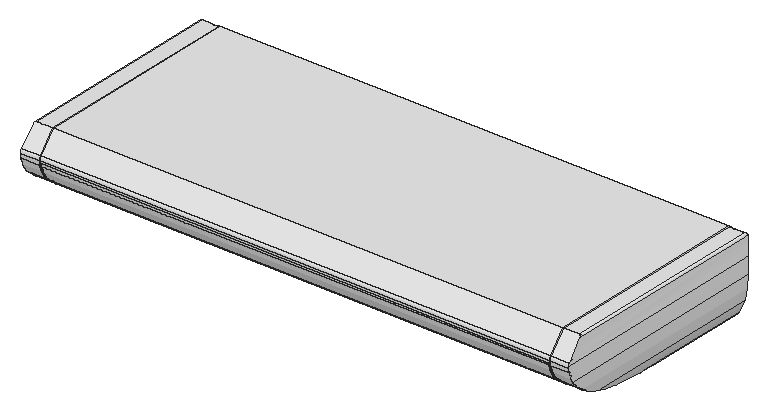
Revit family "EU_SINGLE_IDU_BIG_CEILING_L_Ver.1.1", category Mechanical Equipment, Revit 2016
Family settings
  Part Type = Normal
  Round Connector Dimension = Use Diameter
  OmniClass Number = 23.75.00.00
  OmniClass Title = Climate Control (HVAC)
  Work Plane-Based = No
  Always vertical = Yes
  Cut with Voids When Loaded = No
  Shared = No
  Room Calculation Point = No
Parameters (values of type "14.0kW, 220-240V, Big_Ceiling_L, R32, 3Phase ODU")
  Model/Referance Outdoor Unit [instance] = "AC140RXADNG/EU"
  Manufacturer = "SAMSUNG"
  Model = "AC140RNCDKG/EU"
  Voltage [instance] = "220~240 V"
  URL = "www.samsung.com"
  Total Heating Capacity [instance] = 13.2 kW
  Total Cooling Capacity [instance] = 13.4 kW
  System Served = ""
  Supply Air Connection Width [instance] = 0.00 mm
  Supply Air Connection Offset Bottom [instance] = 0.00 mm
  Supply Air Connection Height [instance] = 0.00 mm
  Subscribe for Update Alerts = ""
  Sound Pressure Middle [instance] = "42.00 dB(A)"
  Sound Pressure Low [instance] = "38.00 dB(A)"
  Sound Pressure High [instance] = "46.00 dB(A)"
  Sound Power Cooling [instance] = "64.00 dB(A)"
  Serial Number = ""
  Sensible Cooling Capacity [instance] = 0 kW
  Sales Rep Locator = ""
  Return Air Connection Width [instance] = 0.00 mm
  Return Air Connection Offset Bottom [instance] = 0.00 mm
  Return Air Connection Height [instance] = 0.00 mm
  Refrigerant Suction Gas Connection Radius [instance] = Refrigerant Suction Gas Connection Diameter / 2  # 7.94 mm
  Refrigerant Suction Gas Connection Offset Bottom [instance] = 80.976 mm
  Refrigerant Suction Gas Connection Left [instance] = Refrigerant Liquid Connection Offset Left  # 80.074 mm
  Refrigerant Suction Gas Connection Diameter [instance] = 15.88 mm
  Refrigerant Liquid Connection Radius [instance] = Refrigerant Liquid Connection Diameter / 2  # 4.76 mm
  Refrigerant Liquid Connection Offset Left [instance] = 80.074 mm
  Refrigerant Liquid Connection Offset Bottom [instance] = 40.839 mm
  Refrigerant Liquid Connection Diameter [instance] = 9.52 mm
  Refrigerant Type = "R32"
  Product Page URL = ""
  Product Documentation Link = ""
  Power Supply [instance] = 50 Hz
  Power Input Heating [instance] = 4.54 W
  Power Input Cooling [instance] = 4.5 W
  Power Connection Offset Left [instance] = 0.00 mm
  Power Connection Offset Bottom [instance] = 0.00 mm
  Phase [instance] = 1
  Panel net Dimensions Width [instance] = 0.00 mm
  Panel net Dimensions Height [instance] = 0.00 mm
  Panel net Dimensions Depth [instance] = 0.00 mm
  Panel Model = "-"
  Panel  Net Weight = 0.00 kg
  Number of poles [instance] = ""
  Notes = ""
  Net Dimensions Width [instance] = 1650.00 mm
  Net Dimensions Height [instance] = 675.00 mm
  Net Dimensions Depth [instance] = 235.00 mm
  Net  Weight = 41.50 kg
  Motor Output = 244 W
  Maximum Rated Over Protection Device [instance] = "Fuse"
  Manufacturer Metadata = ""
  Location = ""
  Heating Leaving Dry Bulb Temperature [instance] = 0 °C
  Heating Entering Dry Bulb Temperature [instance] = 7 °C
  Free Content Downloads = ""
  Family Load Status [instance] = "Valid - Type loaded via type catalog"
  External Static Pressure [instance] = "0.00 mmAq"
  Equipment Finish [instance] = Molded case
  Designation = ""
  Design Heating Air Flow Minimum [instance] = "0.00 CMM"
  Design Heating Air Flow Maximum [instance] = "0.00 CMM"
  Design Cooling Air Flow Minimum [instance] = "23.00 CMM"
  Design Cooling Air Flow Maximum [instance] = "34.00 CMM"
  Design Ambient Winter Wet Bulb Temperature [instance] = 6 °C
  Design Ambient Winter Dry Bulb Temperature [instance] = 7 °C
  Design Ambient Summer Dry Bulb Temperature [instance] = 35 °C
  Decoration Panel Finish [instance] = White
  Current Input Heating [instance] = 7 A
  Current Input Cooling [instance] = 70 A
  Cooling Leaving Wet Bulb Temperature [instance] = 0 °C
  Cooling Leaving Dry Bulb Temperature [instance] = 0 °C
  Cooling Entering Wet Bulb Temperature [instance] = 24 °C
  Cooling Entering Dry Bulb Temperature [instance] = 35 °C
  Conduit for power supply & communication wiring [instance] = 0.00 mm
  Condensate Drain Connection Radius [instance] = Condensate Drain Connection Diameter / 2  # 12.50 mm
  Condensate Drain Connection Offset left [instance] = 131.148 mm
  Condensate Drain Connection Offset Bottom [instance] = 39.103 mm
  Condensate Drain Connection Diameter [instance] = 25.00 mm
  Clearance Type [instance] = "Not Include Clearance"
  Clearance Offset Top [instance] = 0.00 mm
  Clearance Offset Right [instance] = 0.00 mm
  Clearance Offset Left [instance] = 0.00 mm
  Clearance Offset Front [instance] = 0.00 mm
  Clearance Offset Bottom [instance] = 0.00 mm
  Clearance Offset Back [instance] = 0.00 mm
  Actual Ventilation Air Flow [instance] = "0.00 CMM"
  Actual Supply Air Flow [instance] = "0.00 CMM"
  Actual Return Air Flow [instance] = "0.00 CMM"
  Actual Air Flow Imbalance [instance] = "0.00 CMM"
Types (11, lengths in mm): name | Model/Referance Outdoor Unit | Model | Total Heating Capacity | Total Cooling Capacity | Sound Pressure Middle | Sound Pressure Low | Sound Pressure High | Sound Power Cooling | Refrigerant Type | Power Input Heating | Power Input Cooling | Net  Weight | Motor Output | Design Cooling Air Flow Minimum | Design Cooling Air Flow Maximum | Decoration Panel Finish | Current Input Heating | Current Input Cooling | Cooling Entering Wet Bulb Temperature | Condensate Drain Connection Radius | Condensate Drain Connection Diameter
  (no name) | "AC140RXADNG/EU" | "AC140RNCDKG/EU" | 13.2 kW | 13.4 kW | "42.00 dB(A)" | "38.00 dB(A)" | "46.00 dB(A)" | "64.00 dB(A)" | "R32" | 4.54 W | 4.5 W | 41.50 kg | 244 W | "23.00 CMM" | "34.00 CMM" | White | 7 A | 70 A | 24 °C | 12.50 | 25.00
  10.00 kW,  220-240V, BIG CEILING | "" | "AC100MNCDKH/EU" | 11.2 kW | 10 kW | "38.00 dB(A)" | "34.00 dB(A)" | "42.00 dB(A)" | "60.00 dB(A)" | "R410A" | 0 W | 0 W | 41.40 kg | 40 W | "19.00 CMM" | "26.00 CMM" | Ivory | 0 A | 0 A | 27 °C | 12.50 | 25.00
  12.00 kW,  220-240V, BIG CEILING | "" | "AC120MNCDKH/EU" | 13 kW | 12 kW | "41.00 dB(A)" | "37.00 dB(A)" | "44.00 dB(A)" | "62.00 dB(A)" | "R410A" | 0 W | 0 W | 41.40 kg | 40 W | "20.00 CMM" | "30.00 CMM" | Ivory | 0 A | 0 A | 27 °C | 12.50 | 25.00
  13.40 kW,  220-240V, BIG CEILING | "" | "AC140MNCDKH/EU" | 15.5 kW | 13.4 kW | "12.00 dB(A)" | "38.00 dB(A)" | "46.00 dB(A)" | "64.00 dB(A)" | "R410A" | 0 W | 0 W | 41.40 kg | 40 W | "23.00 CMM" | "34.00 CMM" | Ivory | 0 A | 0 A | 27 °C | 12.50 | 25.00
  15.00 kW,  220-240V, BIG CEILING | "" | "AC160JNCDEH/EU" | 17.5 kW | 15 kW | "47.00 dB(A)" | "44.00 dB(A)" | "51.00 dB(A)" | "68.00 dB(A)" | "R410A" | 0 W | 0 W | 42.00 kg | 244 W | "26.00 CMM" | "37.00 CMM" | Ivory | 0 A | 0 A | 27 °C | 10.00 | 20.00
  10.0kW, 220-240V, Big_Ceiling_L, R32, 1Phase ODU | "AC100RXADKG/EU" | "AC100RNCDKG/EU" | 11.2 kW | 10 kW | "38.00 dB(A)" | "34.00 dB(A)" | "42.00 dB(A)" | "60.00 dB(A)" | "R32" | 3.25 W | 3.28 W | 41.40 kg | 244 W | "19.00 CMM" | "26.00 CMM" | White | 14.2 A | 14.6 A | 24 °C | 12.50 | 25.00
  10.0kW, 220-240V, Big_Ceiling_L, R32, 3Phase ODU | "AC100RXADNG/EU" | "AC100RNCDKG/EU" | 11.2 kW | 10 kW | "38.00 dB(A)" | "34.00 dB(A)" | "42.00 dB(A)" | "60.00 dB(A)" | "R32" | 3.2 W | 3.15 W | 41.40 kg | 244 W | "19.00 CMM" | "26.00 CMM" | White | 5.1 A | 5 A | 24 °C | 12.50 | 25.00
  12.0kW, 220-240V, Big_Ceiling_L, R32, 1Phase ODU | "AC120RXADKG/EU" | "AC120RNCDKG/EU" | 13.2 kW | 12 kW | "41.00 dB(A)" | "37.00 dB(A)" | "44.00 dB(A)" | "62.00 dB(A)" | "R32" | 3.83 W | 4.35 W | 41.50 kg | 244 W | "20.00 CMM" | "30.00 CMM" | White | 17 A | 19.1 A | 24 °C | 12.50 | 25.00
  12.0kW, 220-240V, Big_Ceiling_L, R32, 3Phase ODU | "AC120RXADNG/EU" | "AC120RNCDKG/EU" | 13.2 kW | 12 kW | "41.00 dB(A)" | "37.00 dB(A)" | "44.00 dB(A)" | "62.00 dB(A)" | "R32" | 3.8 W | 4.15 W | 41.50 kg | 244 W | "20.00 CMM" | "30.00 CMM" | White | 6.2 A | 6.6 A | 24 °C | 12.50 | 25.00
  14.0kW, 220-240V, Big_Ceiling_L, R32, 1Phase ODU | "AC140RXADKG/EU" | "AC140RNCDKG/EU" | 13.2 kW | 13.4 kW | "42.00 dB(A)" | "38.00 dB(A)" | "46.00 dB(A)" | "64.00 dB(A)" | "R32" | 4.54 W | 4.5 W | 41.50 kg | 244 W | "23.00 CMM" | "34.00 CMM" | White | 19.8 A | 19.7 A | 24 °C | 12.50 | 25.00
  14.0kW, 220-240V, Big_Ceiling_L, R32, 3Phase ODU | "AC140RXADNG/EU" | "AC140RNCDKG/EU" | 13.2 kW | 13.4 kW | "42.00 dB(A)" | "38.00 dB(A)" | "46.00 dB(A)" | "64.00 dB(A)" | "R32" | 4.54 W | 4.5 W | 41.50 kg | 244 W | "23.00 CMM" | "34.00 CMM" | White | 7 A | 70 A | 24 °C | 12.50 | 25.00
Reference planes
  plane 1 "중심(앞/뒤)": y = 0
  plane 2: z = 0
  plane 3 "중심(왼쪽/오른쪽)": x = 0
  plane 4 "뒤": y = 337.5
  plane 5 "앞": y = -337.5
  plane 6: x = -767.505
  plane 7: x = 767.505
  plane 8 "좌": x = -825
  plane 9 "우": x = 825
  plane 10: z = -235
  plane 11: z = -72.072
  plane 12: z = -149.414
  plane 13: x = -762.261
  plane 14: x = 762.254
  plane 15: z = -194.161
  plane 16: z = -195.897
  plane 17: z = -154.024
  plane 18: x = 744.926
  plane 19: x = 693.852
Forms (mm)
  Extrusion 1, solid, material "Ivory"
    sketch origin (0, 0, 0) x (0, 1, 0) y (0, 0, 1)
      loop
        line (337.5, -230.584) -> (337.5, 0) -> (-286.309, 0)
        arc (-286.309, 0) -> (-311.155, -26.706) -> (-333.988, -55.151) r 500.124
        arc (-333.988, -55.151) -> (-336.807, -60.794) -> (-337.5, -67.064) r 17.952
        arc (-337.5, -67.064) -> (-336.743, -73.81) -> (-335.378, -80.459) r 74.982
        arc (-335.378, -80.459) -> (-322.952, -109.686) -> (-302.232, -133.755) r 103.273
        arc (-302.232, -133.755) -> (-272.02, -155.781) -> (-238.832, -172.998) r 247.182
        arc (-238.832, -172.998) -> (-196.089, -189.104) -> (-152.134, -201.525) r 537.709
        arc (-152.134, -201.525) -> (-109.931, -210.514) -> (-67.359, -217.551) r 936.605
        arc (-67.359, -217.551) -> (-8.088, -224.595) -> (51.439, -228.973) r 1329.257
        arc (51.439, -228.973) -> (143.191, -233.51) -> (235.043, -235.023) r 2788.783
        line (235.043, -235.023) -> (333.04, -235.023)
        spline (333.04, -235.023) -> (333.6, -234.933) -> (334.145, -234.78) -> (334.67, -234.566) -> (335.167, -234.294) -> (335.631, -233.968) -> (336.055, -233.592) -> (336.433, -233.17) -> (336.761, -232.708) -> (337.035, -232.212) -> (337.252, -231.688) -> (337.407, -231.143) -> (337.5, -230.584)
      loop
        line (327.5, -10) -> (-282.145, -10)
        arc (-282.145, -10) -> (-304.934, -34.808) -> (-325.966, -61.122) r 490.124
        arc (-325.966, -61.122) -> (-327.215, -63.622) -> (-327.522, -66.399) r 7.952
        arc (-327.522, -66.399) -> (-326.866, -72.245) -> (-325.684, -78.008) r 64.982
        arc (-325.684, -78.008) -> (-314.46, -104.405) -> (-295.747, -126.143) r 93.273
        arc (-295.747, -126.143) -> (-266.757, -147.278) -> (-234.912, -163.799) r 237.182
        arc (-234.912, -163.799) -> (-192.964, -179.605) -> (-149.826, -191.795) r 527.709
        arc (-149.826, -191.795) -> (-108.074, -200.688) -> (-65.956, -207.649) r 926.605
        arc (-65.956, -207.649) -> (-7.096, -214.645) -> (52.019, -218.989) r 1319.257
        arc (52.019, -218.989) -> (58.943, -219.405) -> (65.87, -219.749) r 668.506
        line (65.87, -219.749) -> (89.449, -220.984) -> (110.299, -221.86) -> (140.904, -222.891) -> (148.807, -223.11) -> (164.45, -223.45) -> (251.065, -225.023) -> (327.5, -225.023) -> (327.5, -10)
    from -767.505 to 767.505
  Extrusion 2, void
    sketch origin (0, 0, 0) x (1, 0, 0) y (0, 1, 0)
      loop
        arc (748.449, 314.196) -> (753.596, 319.343) -> (748.449, 324.49) r 5.147
        line (748.449, 324.49) -> (320.557, 324.49)
        arc (320.557, 324.49) -> (315.41, 319.343) -> (320.557, 314.196) r 5.147
        line (320.557, 314.196) -> (748.449, 314.196)
      loop
        line (19.056, 314.196) -> (296.948, 314.196)
        arc (296.948, 314.196) -> (302.095, 319.343) -> (296.948, 324.49) r 5.147
        line (296.948, 324.49) -> (19.056, 324.49)
        arc (19.056, 324.49) -> (13.909, 319.343) -> (19.056, 314.196) r 5.147
      loop
        arc (748.449, 302.984) -> (753.596, 308.131) -> (748.449, 313.278) r 5.147
        line (748.449, 313.278) -> (320.557, 313.278)
        arc (320.557, 313.278) -> (315.41, 308.131) -> (320.557, 302.984) r 5.147
        line (320.557, 302.984) -> (748.449, 302.984)
      loop
        line (19.056, 302.984) -> (296.948, 302.984)
        arc (296.948, 302.984) -> (302.095, 308.131) -> (296.948, 313.278) r 5.147
        line (296.948, 313.278) -> (19.056, 313.278)
        arc (19.056, 313.278) -> (13.909, 308.131) -> (19.056, 302.984) r 5.147
      loop
        arc (748.449, 291.74) -> (753.596, 296.887) -> (748.449, 302.033) r 5.147
        line (748.449, 302.033) -> (320.557, 302.033)
        arc (320.557, 302.033) -> (315.41, 296.887) -> (320.557, 291.74) r 5.147
        line (320.557, 291.74) -> (748.449, 291.74)
      loop
        line (19.056, 291.74) -> (296.948, 291.74)
        arc (296.948, 291.74) -> (302.095, 296.887) -> (296.948, 302.033) r 5.147
        line (296.948, 302.033) -> (19.056, 302.033)
        arc (19.056, 302.033) -> (13.909, 296.887) -> (19.056, 291.74) r 5.147
      loop
        arc (748.449, 280.528) -> (753.596, 285.675) -> (748.449, 290.822) r 5.147
        line (748.449, 290.822) -> (320.557, 290.822)
        arc (320.557, 290.822) -> (315.41, 285.675) -> (320.557, 280.528) r 5.147
        line (320.557, 280.528) -> (748.449, 280.528)
      loop
        line (19.056, 280.528) -> (296.948, 280.528)
        arc (296.948, 280.528) -> (302.095, 285.675) -> (296.948, 290.822) r 5.147
        line (296.948, 290.822) -> (19.056, 290.822)
        arc (19.056, 290.822) -> (13.909, 285.675) -> (19.056, 280.528) r 5.147
      loop
        arc (748.449, 269.275) -> (753.596, 274.422) -> (748.449, 279.569) r 5.147
        line (748.449, 279.569) -> (320.557, 279.569)
        arc (320.557, 279.569) -> (315.41, 274.422) -> (320.557, 269.275) r 5.147
        line (320.557, 269.275) -> (748.449, 269.275)
      loop
        line (19.056, 269.275) -> (296.948, 269.275)
        arc (296.948, 269.275) -> (302.095, 274.422) -> (296.948, 279.569) r 5.147
        line (296.948, 279.569) -> (19.056, 279.569)
        arc (19.056, 279.569) -> (13.909, 274.422) -> (19.056, 269.275) r 5.147
      loop
        arc (748.449, 258.064) -> (753.596, 263.211) -> (748.449, 268.358) r 5.147
        line (748.449, 268.358) -> (320.557, 268.358)
        arc (320.557, 268.358) -> (315.41, 263.211) -> (320.557, 258.064) r 5.147
        line (320.557, 258.064) -> (748.449, 258.064)
      loop
        line (19.056, 258.064) -> (296.948, 258.064)
        arc (296.948, 258.064) -> (302.095, 263.211) -> (296.948, 268.358) r 5.147
        line (296.948, 268.358) -> (19.056, 268.358)
        arc (19.056, 268.358) -> (13.909, 263.211) -> (19.056, 258.064) r 5.147
      loop
        arc (748.449, 246.844) -> (753.596, 251.991) -> (748.449, 257.138) r 5.147
        line (748.449, 257.138) -> (320.557, 257.138)
        arc (320.557, 257.138) -> (315.41, 251.991) -> (320.557, 246.844) r 5.147
        line (320.557, 246.844) -> (748.449, 246.844)
      loop
        line (19.056, 246.844) -> (296.948, 246.844)
        arc (296.948, 246.844) -> (302.095, 251.991) -> (296.948, 257.138) r 5.147
        line (296.948, 257.138) -> (19.056, 257.138)
        arc (19.056, 257.138) -> (13.909, 251.991) -> (19.056, 246.844) r 5.147
      loop
        arc (748.449, 235.633) -> (753.596, 240.78) -> (748.449, 245.926) r 5.147
        line (748.449, 245.926) -> (320.557, 245.926)
        arc (320.557, 245.926) -> (315.41, 240.78) -> (320.557, 235.633) r 5.147
        line (320.557, 235.633) -> (748.449, 235.633)
      loop
        line (19.056, 235.633) -> (296.948, 235.633)
        arc (296.948, 235.633) -> (302.095, 240.78) -> (296.948, 245.926) r 5.147
        line (296.948, 245.926) -> (19.056, 245.926)
        arc (19.056, 245.926) -> (13.909, 240.78) -> (19.056, 235.633) r 5.147
      loop
        arc (748.449, 224.356) -> (753.596, 229.503) -> (748.449, 234.65) r 5.147
        line (748.449, 234.65) -> (320.557, 234.65)
        arc (320.557, 234.65) -> (315.41, 229.503) -> (320.557, 224.356) r 5.147
        line (320.557, 224.356) -> (748.449, 224.356)
      loop
        line (19.056, 224.356) -> (296.948, 224.356)
        arc (296.948, 224.356) -> (302.095, 229.503) -> (296.948, 234.65) r 5.147
        line (296.948, 234.65) -> (19.056, 234.65)
        arc (19.056, 234.65) -> (13.909, 229.503) -> (19.056, 224.356) r 5.147
      loop
        arc (748.449, 213.145) -> (753.596, 218.291) -> (748.449, 223.438) r 5.147
        line (748.449, 223.438) -> (320.557, 223.438)
        arc (320.557, 223.438) -> (315.41, 218.291) -> (320.557, 213.145) r 5.147
        line (320.557, 213.145) -> (748.449, 213.145)
      loop
        line (19.056, 213.145) -> (296.948, 213.145)
        arc (296.948, 213.145) -> (302.095, 218.291) -> (296.948, 223.438) r 5.147
        line (296.948, 223.438) -> (19.056, 223.438)
        arc (19.056, 223.438) -> (13.909, 218.291) -> (19.056, 213.145) r 5.147
      loop
        arc (748.449, 201.866) -> (753.596, 207.013) -> (748.449, 212.16) r 5.147
        line (748.449, 212.16) -> (320.557, 212.16)
        arc (320.557, 212.16) -> (315.41, 207.013) -> (320.557, 201.866) r 5.147
        line (320.557, 201.866) -> (748.449, 201.866)
      loop
        line (19.056, 201.866) -> (296.948, 201.866)
        arc (296.948, 201.866) -> (302.095, 207.013) -> (296.948, 212.16) r 5.147
        line (296.948, 212.16) -> (19.056, 212.16)
        arc (19.056, 212.16) -> (13.909, 207.013) -> (19.056, 201.866) r 5.147
      loop
        arc (748.449, 190.655) -> (753.596, 195.802) -> (748.449, 200.949) r 5.147
        line (748.449, 200.949) -> (320.557, 200.949)
        arc (320.557, 200.949) -> (315.41, 195.802) -> (320.557, 190.655) r 5.147
        line (320.557, 190.655) -> (748.449, 190.655)
      loop
        line (19.056, 190.655) -> (296.948, 190.655)
        arc (296.948, 190.655) -> (302.095, 195.802) -> (296.948, 200.949) r 5.147
        line (296.948, 200.949) -> (19.056, 200.949)
        arc (19.056, 200.949) -> (13.909, 195.802) -> (19.056, 190.655) r 5.147
      loop
        arc (748.449, 179.451) -> (753.596, 184.598) -> (748.449, 189.745) r 5.147
        line (748.449, 189.745) -> (320.557, 189.745)
        arc (320.557, 189.745) -> (315.41, 184.598) -> (320.557, 179.451) r 5.147
        line (320.557, 179.451) -> (748.449, 179.451)
      loop
        line (19.056, 179.451) -> (296.948, 179.451)
        arc (296.948, 179.451) -> (302.095, 184.598) -> (296.948, 189.745) r 5.147
        line (296.948, 189.745) -> (19.056, 189.745)
        arc (19.056, 189.745) -> (13.909, 184.598) -> (19.056, 179.451) r 5.147
      loop
        arc (748.449, 168.24) -> (753.596, 173.387) -> (748.449, 178.534) r 5.147
        line (748.449, 178.534) -> (320.557, 178.534)
        arc (320.557, 178.534) -> (315.41, 173.387) -> (320.557, 168.24) r 5.147
        line (320.557, 168.24) -> (748.449, 168.24)
      loop
        line (19.056, 168.24) -> (296.948, 168.24)
        arc (296.948, 168.24) -> (302.095, 173.387) -> (296.948, 178.534) r 5.147
        line (296.948, 178.534) -> (19.056, 178.534)
        arc (19.056, 178.534) -> (13.909, 173.387) -> (19.056, 168.24) r 5.147
      loop
        arc (748.449, 157.078) -> (753.596, 162.225) -> (748.449, 167.372) r 5.147
        line (748.449, 167.372) -> (320.557, 167.372)
        arc (320.557, 167.372) -> (315.41, 162.225) -> (320.557, 157.078) r 5.147
        line (320.557, 157.078) -> (748.449, 157.078)
      loop
        line (19.056, 157.078) -> (296.948, 157.078)
        arc (296.948, 157.078) -> (302.095, 162.225) -> (296.948, 167.372) r 5.147
        line (296.948, 167.372) -> (19.056, 167.372)
        arc (19.056, 167.372) -> (13.909, 162.225) -> (19.056, 157.078) r 5.147
      loop
        arc (748.449, 145.867) -> (753.596, 151.013) -> (748.449, 156.16) r 5.147
        line (748.449, 156.16) -> (320.557, 156.16)
        arc (320.557, 156.16) -> (315.41, 151.013) -> (320.557, 145.867) r 5.147
        line (320.557, 145.867) -> (748.449, 145.867)
      loop
        line (19.056, 145.867) -> (296.948, 145.867)
        arc (296.948, 145.867) -> (302.095, 151.013) -> (296.948, 156.16) r 5.147
        line (296.948, 156.16) -> (19.056, 156.16)
        arc (19.056, 156.16) -> (13.909, 151.013) -> (19.056, 145.867) r 5.147
      loop
        arc (748.449, 134.598) -> (753.596, 139.745) -> (748.449, 144.892) r 5.147
        line (748.449, 144.892) -> (320.557, 144.892)
        arc (320.557, 144.892) -> (315.41, 139.745) -> (320.557, 134.598) r 5.147
        line (320.557, 134.598) -> (748.449, 134.598)
      loop
        line (19.056, 134.598) -> (296.948, 134.598)
        arc (296.948, 134.598) -> (302.095, 139.745) -> (296.948, 144.892) r 5.147
        line (296.948, 144.892) -> (19.056, 144.892)
        arc (19.056, 144.892) -> (13.909, 139.745) -> (19.056, 134.598) r 5.147
      loop
        arc (748.449, 123.387) -> (753.596, 128.534) -> (748.449, 133.68) r 5.147
        line (748.449, 133.68) -> (320.557, 133.68)
        arc (320.557, 133.68) -> (315.41, 128.534) -> (320.557, 123.387) r 5.147
        line (320.557, 123.387) -> (748.449, 123.387)
      loop
        line (19.056, 123.387) -> (296.948, 123.387)
        arc (296.948, 123.387) -> (302.095, 128.534) -> (296.948, 133.68) r 5.147
        line (296.948, 133.68) -> (19.056, 133.68)
        arc (19.056, 133.68) -> (13.909, 128.534) -> (19.056, 123.387) r 5.147
      loop
        arc (748.449, 112.273) -> (753.596, 117.42) -> (748.449, 122.567) r 5.147
        line (748.449, 122.567) -> (320.557, 122.567)
        arc (320.557, 122.567) -> (315.41, 117.42) -> (320.557, 112.273) r 5.147
        line (320.557, 112.273) -> (748.449, 112.273)
      loop
        line (19.056, 112.273) -> (296.948, 112.273)
        arc (296.948, 112.273) -> (302.095, 117.42) -> (296.948, 122.567) r 5.147
        line (296.948, 122.567) -> (19.056, 122.567)
        arc (19.056, 122.567) -> (13.909, 117.42) -> (19.056, 112.273) r 5.147
      loop
        arc (748.449, 100.625) -> (753.596, 105.772) -> (748.449, 110.919) r 5.147
        line (748.449, 110.919) -> (320.557, 110.919)
        arc (320.557, 110.919) -> (315.41, 105.772) -> (320.557, 100.625) r 5.147
        line (320.557, 100.625) -> (748.449, 100.625)
      loop
        line (19.056, 100.625) -> (296.948, 100.625)
        arc (296.948, 100.625) -> (302.095, 105.772) -> (296.948, 110.919) r 5.147
        line (296.948, 110.919) -> (19.056, 110.919)
        arc (19.056, 110.919) -> (13.909, 105.772) -> (19.056, 100.625) r 5.147
    from -341.771 to -163.435
  Extrusion 3, void
    sketch origin (0, 0, 0) x (-1, 0, 0) y (0, -1, 0)
      loop
        line (748.449, -314.196) -> (320.557, -314.196)
        arc (320.557, -314.196) -> (315.41, -319.343) -> (320.557, -324.49) r 5.147
        line (320.557, -324.49) -> (748.449, -324.49)
        arc (748.449, -324.49) -> (753.596, -319.343) -> (748.449, -314.196) r 5.147
      loop
        arc (19.056, -314.196) -> (13.909, -319.343) -> (19.056, -324.49) r 5.147
        line (19.056, -324.49) -> (296.948, -324.49)
        arc (296.948, -324.49) -> (302.095, -319.343) -> (296.948, -314.196) r 5.147
        line (296.948, -314.196) -> (19.056, -314.196)
      loop
        line (748.449, -302.984) -> (320.557, -302.984)
        arc (320.557, -302.984) -> (315.41, -308.131) -> (320.557, -313.278) r 5.147
        line (320.557, -313.278) -> (748.449, -313.278)
        arc (748.449, -313.278) -> (753.596, -308.131) -> (748.449, -302.984) r 5.147
      loop
        arc (19.056, -302.984) -> (13.909, -308.131) -> (19.056, -313.278) r 5.147
        line (19.056, -313.278) -> (296.948, -313.278)
        arc (296.948, -313.278) -> (302.095, -308.131) -> (296.948, -302.984) r 5.147
        line (296.948, -302.984) -> (19.056, -302.984)
      loop
        line (748.449, -291.74) -> (320.557, -291.74)
        arc (320.557, -291.74) -> (315.41, -296.887) -> (320.557, -302.033) r 5.147
        line (320.557, -302.033) -> (748.449, -302.033)
        arc (748.449, -302.033) -> (753.596, -296.887) -> (748.449, -291.74) r 5.147
      loop
        arc (19.056, -291.74) -> (13.909, -296.887) -> (19.056, -302.033) r 5.147
        line (19.056, -302.033) -> (296.948, -302.033)
        arc (296.948, -302.033) -> (302.095, -296.887) -> (296.948, -291.74) r 5.147
        line (296.948, -291.74) -> (19.056, -291.74)
      loop
        line (748.449, -280.528) -> (320.557, -280.528)
        arc (320.557, -280.528) -> (315.41, -285.675) -> (320.557, -290.822) r 5.147
        line (320.557, -290.822) -> (748.449, -290.822)
        arc (748.449, -290.822) -> (753.596, -285.675) -> (748.449, -280.528) r 5.147
      loop
        arc (19.056, -280.528) -> (13.909, -285.675) -> (19.056, -290.822) r 5.147
        line (19.056, -290.822) -> (296.948, -290.822)
        arc (296.948, -290.822) -> (302.095, -285.675) -> (296.948, -280.528) r 5.147
        line (296.948, -280.528) -> (19.056, -280.528)
      loop
        line (748.449, -269.275) -> (320.557, -269.275)
        arc (320.557, -269.275) -> (315.41, -274.422) -> (320.557, -279.569) r 5.147
        line (320.557, -279.569) -> (748.449, -279.569)
        arc (748.449, -279.569) -> (753.596, -274.422) -> (748.449, -269.275) r 5.147
      loop
        arc (19.056, -269.275) -> (13.909, -274.422) -> (19.056, -279.569) r 5.147
        line (19.056, -279.569) -> (296.948, -279.569)
        arc (296.948, -279.569) -> (302.095, -274.422) -> (296.948, -269.275) r 5.147
        line (296.948, -269.275) -> (19.056, -269.275)
      loop
        line (748.449, -258.064) -> (320.557, -258.064)
        arc (320.557, -258.064) -> (315.41, -263.211) -> (320.557, -268.358) r 5.147
        line (320.557, -268.358) -> (748.449, -268.358)
        arc (748.449, -268.358) -> (753.596, -263.211) -> (748.449, -258.064) r 5.147
      loop
        arc (19.056, -258.064) -> (13.909, -263.211) -> (19.056, -268.358) r 5.147
        line (19.056, -268.358) -> (296.948, -268.358)
        arc (296.948, -268.358) -> (302.095, -263.211) -> (296.948, -258.064) r 5.147
        line (296.948, -258.064) -> (19.056, -258.064)
      loop
        line (748.449, -246.844) -> (320.557, -246.844)
        arc (320.557, -246.844) -> (315.41, -251.991) -> (320.557, -257.138) r 5.147
        line (320.557, -257.138) -> (748.449, -257.138)
        arc (748.449, -257.138) -> (753.596, -251.991) -> (748.449, -246.844) r 5.147
      loop
        arc (19.056, -246.844) -> (13.909, -251.991) -> (19.056, -257.138) r 5.147
        line (19.056, -257.138) -> (296.948, -257.138)
        arc (296.948, -257.138) -> (302.095, -251.991) -> (296.948, -246.844) r 5.147
        line (296.948, -246.844) -> (19.056, -246.844)
      loop
        line (748.449, -235.633) -> (320.557, -235.633)
        arc (320.557, -235.633) -> (315.41, -240.78) -> (320.557, -245.926) r 5.147
        line (320.557, -245.926) -> (748.449, -245.926)
        arc (748.449, -245.926) -> (753.596, -240.78) -> (748.449, -235.633) r 5.147
      loop
        arc (19.056, -235.633) -> (13.909, -240.78) -> (19.056, -245.926) r 5.147
        line (19.056, -245.926) -> (296.948, -245.926)
        arc (296.948, -245.926) -> (302.095, -240.78) -> (296.948, -235.633) r 5.147
        line (296.948, -235.633) -> (19.056, -235.633)
      loop
        line (748.449, -224.356) -> (320.557, -224.356)
        arc (320.557, -224.356) -> (315.41, -229.503) -> (320.557, -234.65) r 5.147
        line (320.557, -234.65) -> (748.449, -234.65)
        arc (748.449, -234.65) -> (753.596, -229.503) -> (748.449, -224.356) r 5.147
      loop
        arc (19.056, -224.356) -> (13.909, -229.503) -> (19.056, -234.65) r 5.147
        line (19.056, -234.65) -> (296.948, -234.65)
        arc (296.948, -234.65) -> (302.095, -229.503) -> (296.948, -224.356) r 5.147
        line (296.948, -224.356) -> (19.056, -224.356)
      loop
        line (748.449, -213.145) -> (320.557, -213.145)
        arc (320.557, -213.145) -> (315.41, -218.291) -> (320.557, -223.438) r 5.147
        line (320.557, -223.438) -> (748.449, -223.438)
        arc (748.449, -223.438) -> (753.596, -218.291) -> (748.449, -213.145) r 5.147
      loop
        arc (19.056, -213.145) -> (13.909, -218.291) -> (19.056, -223.438) r 5.147
        line (19.056, -223.438) -> (296.948, -223.438)
        arc (296.948, -223.438) -> (302.095, -218.291) -> (296.948, -213.145) r 5.147
        line (296.948, -213.145) -> (19.056, -213.145)
      loop
        line (748.449, -201.866) -> (320.557, -201.866)
        arc (320.557, -201.866) -> (315.41, -207.013) -> (320.557, -212.16) r 5.147
        line (320.557, -212.16) -> (748.449, -212.16)
        arc (748.449, -212.16) -> (753.596, -207.013) -> (748.449, -201.866) r 5.147
      loop
        arc (19.056, -201.866) -> (13.909, -207.013) -> (19.056, -212.16) r 5.147
        line (19.056, -212.16) -> (296.948, -212.16)
        arc (296.948, -212.16) -> (302.095, -207.013) -> (296.948, -201.866) r 5.147
        line (296.948, -201.866) -> (19.056, -201.866)
      loop
        line (748.449, -190.655) -> (320.557, -190.655)
        arc (320.557, -190.655) -> (315.41, -195.802) -> (320.557, -200.949) r 5.147
        line (320.557, -200.949) -> (748.449, -200.949)
        arc (748.449, -200.949) -> (753.596, -195.802) -> (748.449, -190.655) r 5.147
      loop
        arc (19.056, -190.655) -> (13.909, -195.802) -> (19.056, -200.949) r 5.147
        line (19.056, -200.949) -> (296.948, -200.949)
        arc (296.948, -200.949) -> (302.095, -195.802) -> (296.948, -190.655) r 5.147
        line (296.948, -190.655) -> (19.056, -190.655)
      loop
        line (748.449, -179.451) -> (320.557, -179.451)
        arc (320.557, -179.451) -> (315.41, -184.598) -> (320.557, -189.745) r 5.147
        line (320.557, -189.745) -> (748.449, -189.745)
        arc (748.449, -189.745) -> (753.596, -184.598) -> (748.449, -179.451) r 5.147
      loop
        arc (19.056, -179.451) -> (13.909, -184.598) -> (19.056, -189.745) r 5.147
        line (19.056, -189.745) -> (296.948, -189.745)
        arc (296.948, -189.745) -> (302.095, -184.598) -> (296.948, -179.451) r 5.147
        line (296.948, -179.451) -> (19.056, -179.451)
      loop
        line (748.449, -168.24) -> (320.557, -168.24)
        arc (320.557, -168.24) -> (315.41, -173.387) -> (320.557, -178.534) r 5.147
        line (320.557, -178.534) -> (748.449, -178.534)
        arc (748.449, -178.534) -> (753.596, -173.387) -> (748.449, -168.24) r 5.147
      loop
        arc (19.056, -168.24) -> (13.909, -173.387) -> (19.056, -178.534) r 5.147
        line (19.056, -178.534) -> (296.948, -178.534)
        arc (296.948, -178.534) -> (302.095, -173.387) -> (296.948, -168.24) r 5.147
        line (296.948, -168.24) -> (19.056, -168.24)
      loop
        line (748.449, -157.078) -> (320.557, -157.078)
        arc (320.557, -157.078) -> (315.41, -162.225) -> (320.557, -167.372) r 5.147
        line (320.557, -167.372) -> (748.449, -167.372)
        arc (748.449, -167.372) -> (753.596, -162.225) -> (748.449, -157.078) r 5.147
      loop
        arc (19.056, -157.078) -> (13.909, -162.225) -> (19.056, -167.372) r 5.147
        line (19.056, -167.372) -> (296.948, -167.372)
        arc (296.948, -167.372) -> (302.095, -162.225) -> (296.948, -157.078) r 5.147
        line (296.948, -157.078) -> (19.056, -157.078)
      loop
        line (748.449, -145.867) -> (320.557, -145.867)
        arc (320.557, -145.867) -> (315.41, -151.013) -> (320.557, -156.16) r 5.147
        line (320.557, -156.16) -> (748.449, -156.16)
        arc (748.449, -156.16) -> (753.596, -151.013) -> (748.449, -145.867) r 5.147
      loop
        arc (19.056, -145.867) -> (13.909, -151.013) -> (19.056, -156.16) r 5.147
        line (19.056, -156.16) -> (296.948, -156.16)
        arc (296.948, -156.16) -> (302.095, -151.013) -> (296.948, -145.867) r 5.147
        line (296.948, -145.867) -> (19.056, -145.867)
      loop
        line (748.449, -134.598) -> (320.557, -134.598)
        arc (320.557, -134.598) -> (315.41, -139.745) -> (320.557, -144.892) r 5.147
        line (320.557, -144.892) -> (748.449, -144.892)
        arc (748.449, -144.892) -> (753.596, -139.745) -> (748.449, -134.598) r 5.147
      loop
        arc (19.056, -134.598) -> (13.909, -139.745) -> (19.056, -144.892) r 5.147
        line (19.056, -144.892) -> (296.948, -144.892)
        arc (296.948, -144.892) -> (302.095, -139.745) -> (296.948, -134.598) r 5.147
        line (296.948, -134.598) -> (19.056, -134.598)
      loop
        line (748.449, -123.387) -> (320.557, -123.387)
        arc (320.557, -123.387) -> (315.41, -128.534) -> (320.557, -133.68) r 5.147
        line (320.557, -133.68) -> (748.449, -133.68)
        arc (748.449, -133.68) -> (753.596, -128.534) -> (748.449, -123.387) r 5.147
      loop
        arc (19.056, -123.387) -> (13.909, -128.534) -> (19.056, -133.68) r 5.147
        line (19.056, -133.68) -> (296.948, -133.68)
        arc (296.948, -133.68) -> (302.095, -128.534) -> (296.948, -123.387) r 5.147
        line (296.948, -123.387) -> (19.056, -123.387)
      loop
        line (748.449, -112.273) -> (320.557, -112.273)
        arc (320.557, -112.273) -> (315.41, -117.42) -> (320.557, -122.567) r 5.147
        line (320.557, -122.567) -> (748.449, -122.567)
        arc (748.449, -122.567) -> (753.596, -117.42) -> (748.449, -112.273) r 5.147
      loop
        arc (19.056, -112.273) -> (13.909, -117.42) -> (19.056, -122.567) r 5.147
        line (19.056, -122.567) -> (296.948, -122.567)
        arc (296.948, -122.567) -> (302.095, -117.42) -> (296.948, -112.273) r 5.147
        line (296.948, -112.273) -> (19.056, -112.273)
      loop
        line (748.449, -100.625) -> (320.557, -100.625)
        arc (320.557, -100.625) -> (315.41, -105.772) -> (320.557, -110.919) r 5.147
        line (320.557, -110.919) -> (748.449, -110.919)
        arc (748.449, -110.919) -> (753.596, -105.772) -> (748.449, -100.625) r 5.147
      loop
        arc (19.056, -100.625) -> (13.909, -105.772) -> (19.056, -110.919) r 5.147
        line (19.056, -110.919) -> (296.948, -110.919)
        arc (296.948, -110.919) -> (302.095, -105.772) -> (296.948, -100.625) r 5.147
        line (296.948, -100.625) -> (19.056, -100.625)
    from -341.771 to -163.435
  Extrusion 4, solid, material "Ivory"
    sketch origin (0, 0, 0) x (0, 1, 0) y (0, 0, 1)
      loop
        line (-331.797, -73.072) -> (-336.856, -73.072)
        arc (-336.856, -73.072) -> (-336.21, -76.784) -> (-335.378, -80.459) r 74.982
        arc (-335.378, -80.459) -> (-322.952, -109.686) -> (-302.232, -133.755) r 103.273
        arc (-302.232, -133.755) -> (-292.91, -141.315) -> (-283.231, -148.414) r 247.182
        line (-283.231, -148.414) -> (-274.29, -148.414)
        arc (-274.29, -148.414) -> (-286.934, -139.575) -> (-298.989, -129.949) r 242.182
        arc (-298.989, -129.949) -> (-318.706, -107.045) -> (-330.531, -79.233) r 98.273
        arc (-330.531, -79.233) -> (-331.233, -76.167) -> (-331.797, -73.072) r 69.982
    from -762.261 to 762.254
  Extrusion 5, void
    sketch origin (0, 0, 0) x (1, 0, 0) y (0, 0, 1)
      loop
        line (-763.505, -72.072) -> (-763.505, -149.414) -> (763.505, -149.414) -> (763.505, -72.072) -> (-763.505, -72.072)
    from 0 to 392.871
  Extrusion 6, solid, material "Ivory"
    sketch origin (0, 0, 0) x (1, 0, 0) y (0, 0, 1)
      loop
        arc (665.656, -28.597) -> (644.37, -37.414) -> (635.553, -58.7) r 30.102
        line (635.553, -58.7) -> (635.553, -88.802)
        arc (635.553, -88.802) -> (644.37, -110.088) -> (665.656, -118.905) r 30.102
        line (665.656, -118.905) -> (730.878, -118.905)
        arc (730.878, -118.905) -> (752.163, -110.088) -> (760.98, -88.802) r 30.102
        line (760.98, -88.802) -> (760.98, -58.7)
        arc (760.98, -58.7) -> (752.163, -37.414) -> (730.878, -28.597) r 30.102
        line (730.878, -28.597) -> (665.656, -28.597)
    from -339.5 to -337.5
  Extrusion 7, solid
    sketch origin (0, 337.5, 0) x (0, 0, 1) y (-1, 0, 0)
      loop
        circle (-154.024, -744.926) r 7.94
    from 0 to -2
  Extrusion 8, solid
    sketch origin (0, 337.5, 0) x (0, 0, 1) y (-1, 0, 0)
      loop
        circle (-195.897, -693.852) r 12.5
    from 0 to -2
  Extrusion 9, solid, material "Ivory"
    sketch origin (0, 337.5, 0) x (0, 0, 1) y (-1, 0, 0)
      loop
        circle (-123.922, 690.741) r 50.171
    from 0 to -2
  Extrusion 10, solid
    sketch origin (0, 337.5, 0) x (0, 0, 1) y (-1, 0, 0)
      loop
        circle (-194.161, -744.926) r 4.76
    from 0 to -2
Cuts and joins
  Extrusion 2, Extrusion 3, Extrusion 5 cuts Extrusion 1
Dimensions and locks
  equal spacing: plane 8 "좌", plane 3 "중심(왼쪽/오른쪽)", plane 9 "우"
  "Net Dimensions Width": plane 8 "좌" to plane 9 "우"
  equal spacing: plane 5 "앞", plane 1 "중심(앞/뒤)", plane 4 "뒤"
  "Net Dimensions Height": plane 5 "앞" to plane 4 "뒤"
  "Net Dimensions Depth": level to plane 10
  locked: plane 8 "좌" to plane 6 at 57.495
  locked: plane 7 to plane 9 "우" at 57.495
  plane 6 to plane 13 = 5.243 mm
  plane 7 to plane 14 = 5.25 mm
  locked: Extrusion 5 sketch curve to plane 7 at 4
  locked: Extrusion 5 sketch curve to plane 6 at 4
  Extrusion 6 sketch curve to Extrusion 6 sketch curve to plane 7 = 125.427 mm locked, 6.524 mm locked
  locked: Extrusion 6 to Extrusion 6 at 2
  locked: plane 6 to Extrusion 9 sketch curve at 76.764
  locked: Extrusion 10 sketch curve to plane 9 "우" at 80.074
  "Refrigerant Liquid Connection Offset Left": plane 18 to plane 9 "우"
  "Condensate Drain Connection Offset left": plane 19 to plane 9 "우"
  "Condensate Drain Connection Offset Bottom": plane 10 to plane 16
  "Refrigerant Liquid Connection Offset Bottom": plane 10 to plane 15
  "Refrigerant Suction Gas Connection Offset Bottom": plane 10 to plane 17
  "Refrigerant Liquid Connection Diameter": diameter of Extrusion 10 sketch curve
  "Refrigerant Suction Gas Connection Diameter": diameter of Extrusion 7 sketch curve
  "Condensate Drain Connection Diameter": diameter of Extrusion 8 sketch curve
  aligned and locked: level to plane 2
  aligned and locked: nested 1 to plane 6
  aligned and locked: nested 2 to plane 7
  aligned and locked: plane 6 to Extrusion 1
  aligned and locked: Extrusion 1 to plane 7
  aligned and locked: plane 12 to Extrusion 5
  aligned and locked: Extrusion 5 to plane 11
  aligned and locked: Extrusion 4 to plane 13
  aligned and locked: Extrusion 4 to plane 14
  aligned and locked: Extrusion 6 to cut or joined group of Extrusion 1, Extrusion 2, Extrusion 3, Extrusion 5
  aligned and locked: Extrusion 7 to cut or joined group of Extrusion 1, Extrusion 2, Extrusion 3, Extrusion 5
  aligned and locked: Extrusion 7 to Extrusion 6
  aligned and locked: Extrusion 8 to cut or joined group of Extrusion 1, Extrusion 2, Extrusion 3, Extrusion 5
  aligned and locked: Extrusion 8 to Extrusion 6
  aligned and locked: Extrusion 9 to cut or joined group of Extrusion 1, Extrusion 2, Extrusion 3, Extrusion 5
  aligned and locked: Extrusion 9 to Extrusion 6
  aligned and locked: Extrusion 10 to cut or joined group of Extrusion 1, Extrusion 2, Extrusion 3, Extrusion 5
  aligned and locked: Extrusion 10 to Extrusion 6
Automatic sketch dimensions
  Extrusion 1 sketch curve to Extrusion 1 sketch curve = 0.00 mm  (x27)
  Extrusion 1 sketch curve to plane 5 "앞" = 0.00 mm  (x2)
  Extrusion 1 sketch curve to level = 0.00 mm
  Extrusion 1 sketch curve to plane 4 "뒤" = 0.00 mm
  Extrusion 1 sketch curve to plane 5 "앞" = 17.912 mm
  Extrusion 1 sketch curve to plane 5 "앞" = 51.191 mm
  Extrusion 1 sketch curve to Extrusion 1 sketch curve = 4.164 mm
  Extrusion 1 sketch curve to Extrusion 1 sketch curve = 19.461 mm
  Extrusion 1 sketch curve to Extrusion 1 sketch curve = 27.428 mm
  level to Extrusion 1 sketch curve = 54.396 mm
  plane 1 "중심(앞/뒤)" to Extrusion 1 sketch curve = 141.926 mm
  plane 1 "중심(앞/뒤)" to Extrusion 1 sketch curve = 28.027 mm
  Extrusion 1 sketch curve to plane 1 "중심(앞/뒤)" = 64.041 mm
  plane 10 to Extrusion 1 sketch curve = 15.251 mm
  Extrusion 1 sketch curve to plane 1 "중심(앞/뒤)" = 65.87 mm
  Extrusion 1 sketch curve to plane 1 "중심(앞/뒤)" = 67.186 mm
  plane 10 to Extrusion 1 sketch curve = 14.016 mm
  Extrusion 1 sketch curve to Extrusion 1 sketch curve = 23.579 mm
  Extrusion 1 sketch curve to plane 1 "중심(앞/뒤)" = 95.548 mm
  plane 10 to Extrusion 1 sketch curve = 13.14 mm
  Extrusion 1 sketch curve to Extrusion 1 sketch curve = 20.85 mm
  Extrusion 1 sketch curve to plane 1 "중심(앞/뒤)" = 119.128 mm
  plane 10 to Extrusion 1 sketch curve = 12.109 mm
  Extrusion 1 sketch curve to Extrusion 1 sketch curve = 30.605 mm
  plane 10 to Extrusion 1 sketch curve = 11.89 mm
  Extrusion 1 sketch curve to Extrusion 1 sketch curve = 7.903 mm
  plane 10 to Extrusion 1 sketch curve = 11.55 mm
  Extrusion 1 sketch curve to Extrusion 1 sketch curve = 15.643 mm
  Extrusion 1 sketch curve to plane 10 = 0.023 mm
  Extrusion 1 sketch curve to Extrusion 1 sketch curve = 70.593 mm
  Extrusion 1 sketch curve to Extrusion 1 sketch curve = 16.022 mm
  plane 4 "뒤" to Extrusion 1 sketch curve = 10.00 mm
  plane 4 "뒤" to Extrusion 1 sketch curve = 4.46 mm
  Extrusion 1 sketch curve to plane 10 = 118.786 mm
  plane 10 to Extrusion 1 sketch curve = 4.416 mm
  plane 10 to Extrusion 1 sketch curve = 9.977 mm
  Extrusion 1 sketch curve to level = 65.871 mm
  Extrusion 1 sketch curve to Extrusion 1 sketch curve = 3.791 mm
  Extrusion 1 sketch curve to Extrusion 1 sketch curve = 6.935 mm
  Extrusion 1 sketch curve to level = 10.00 mm
  Extrusion 1 sketch curve to Extrusion 1 sketch curve = 267.27 mm
  Extrusion 1 sketch curve to Extrusion 1 sketch curve = 126.433 mm
  Extrusion 1 sketch curve to Extrusion 1 sketch curve = 261.694 mm
  Extrusion 1 sketch curve to Extrusion 1 sketch curve = 388.768 mm
  Extrusion 1 sketch curve to Extrusion 1 sketch curve = 1455.201 mm
  Extrusion 1 sketch curve to Extrusion 1 sketch curve = 1.556 mm
  plane 4 "뒤" to Extrusion 1 sketch curve = 4.97 mm
  plane 4 "뒤" to Extrusion 1 sketch curve = 1.432 mm
  plane 3 "중심(왼쪽/오른쪽)" to Extrusion 2 sketch curve = 19.056 mm  (x2)
  Extrusion 2 sketch curve to Extrusion 2 sketch curve = 0.00 mm  (x70)
  Extrusion 2 sketch curve to plane 1 "중심(앞/뒤)" = 105.772 mm
  Extrusion 2 sketch curve to Extrusion 2 sketch curve = 277.892 mm
  plane 4 "뒤" to Extrusion 2 sketch curve = 79.436 mm
  Extrusion 2 sketch curve to Extrusion 2 sketch curve = 23.609 mm  (x4)
  plane 7 to Extrusion 2 sketch curve = 19.056 mm  (x4)
  Extrusion 2 sketch curve to Extrusion 2 sketch curve = 5.147 mm  (x40)
  Extrusion 2 sketch curve to Extrusion 2 sketch curve = 1.354 mm  (x2)
  Extrusion 2 sketch curve to Extrusion 2 sketch curve = 0.82 mm  (x2)
  Extrusion 2 sketch curve to Extrusion 2 sketch curve = 0.918 mm  (x18)
  Extrusion 2 sketch curve to Extrusion 2 sketch curve = 0.975 mm  (x2)
  Extrusion 2 sketch curve to Extrusion 2 sketch curve = 0.868 mm  (x2)
  Extrusion 2 sketch curve to Extrusion 2 sketch curve = 0.91 mm  (x2)
  Extrusion 2 sketch curve to Extrusion 2 sketch curve = 0.985 mm  (x2)
  Extrusion 2 sketch curve to Extrusion 2 sketch curve = 0.983 mm  (x2)
  Extrusion 2 sketch curve to Extrusion 2 sketch curve = 0.926 mm
  Extrusion 2 sketch curve to Extrusion 2 sketch curve = 0.959 mm  (x2)
  Extrusion 2 sketch curve to Extrusion 2 sketch curve = 0.951 mm  (x2)
  plane 3 "중심(왼쪽/오른쪽)" to Extrusion 3 sketch curve = 19.056 mm  (x2)
  Extrusion 3 sketch curve to Extrusion 3 sketch curve = 0.00 mm  (x70)
  plane 1 "중심(앞/뒤)" to Extrusion 3 sketch curve = 105.772 mm
  Extrusion 3 sketch curve to Extrusion 3 sketch curve = 277.892 mm
  Extrusion 3 sketch curve to plane 4 "뒤" = 79.436 mm
  Extrusion 3 sketch curve to Extrusion 3 sketch curve = 23.609 mm  (x4)
  plane 6 to Extrusion 3 sketch curve = 19.056 mm  (x4)
  Extrusion 3 sketch curve to Extrusion 3 sketch curve = 5.147 mm  (x40)
  Extrusion 3 sketch curve to Extrusion 3 sketch curve = 1.354 mm  (x2)
  Extrusion 3 sketch curve to Extrusion 3 sketch curve = 0.82 mm  (x2)
  Extrusion 3 sketch curve to Extrusion 3 sketch curve = 0.918 mm  (x18)
  Extrusion 3 sketch curve to Extrusion 3 sketch curve = 0.975 mm  (x2)
  Extrusion 3 sketch curve to Extrusion 3 sketch curve = 0.868 mm  (x2)
  Extrusion 3 sketch curve to Extrusion 3 sketch curve = 0.91 mm  (x2)
  Extrusion 3 sketch curve to Extrusion 3 sketch curve = 0.985 mm  (x2)
  Extrusion 3 sketch curve to Extrusion 3 sketch curve = 0.983 mm  (x2)
  Extrusion 3 sketch curve to Extrusion 3 sketch curve = 0.926 mm
  Extrusion 3 sketch curve to Extrusion 3 sketch curve = 0.959 mm  (x2)
  Extrusion 3 sketch curve to Extrusion 3 sketch curve = 0.951 mm  (x2)
  Extrusion 4 sketch curve to Extrusion 4 sketch curve = 0.00 mm  (x10)
  Extrusion 4 sketch curve to plane 5 "앞" = 0.644 mm
  Extrusion 4 sketch curve to plane 11 = 9.992 mm
  Extrusion 4 sketch curve to Extrusion 4 sketch curve = 6.935 mm
  Extrusion 4 sketch curve to Extrusion 4 sketch curve = 1.477 mm
  Extrusion 4 sketch curve to Extrusion 4 sketch curve = 4.847 mm
  Extrusion 4 sketch curve to Extrusion 4 sketch curve = 1.266 mm
  Extrusion 4 sketch curve to Extrusion 4 sketch curve = 3.243 mm
  Extrusion 4 sketch curve to plane 12 = 1.00 mm
  Extrusion 4 sketch curve to Extrusion 4 sketch curve = 19.001 mm
  Extrusion 4 sketch curve to Extrusion 4 sketch curve = 8.941 mm
  Extrusion 5 sketch curve to plane 11 = 0.00 mm
  Extrusion 5 sketch curve to plane 12 = 0.00 mm
  Extrusion 6 sketch curve to plane 11 = 13.372 mm  (x2)
  Extrusion 6 sketch curve to level = 28.597 mm
  Extrusion 6 sketch curve to Extrusion 6 sketch curve = 0.00 mm
  plane 11 to Extrusion 6 sketch curve = 16.73 mm  (x2)
  Extrusion 9 sketch curve to plane 12 = 25.492 mm
  Extrusion 7 sketch curve to plane 17 = 0.00 mm
  Extrusion 7 sketch curve to plane 18 = 0.00 mm
  Extrusion 8 sketch curve to plane 16 = 0.00 mm
  plane 19 to Extrusion 8 sketch curve = 0.00 mm
  Extrusion 10 sketch curve to plane 15 = 0.00 mm
  radius of Extrusion 9 sketch curve = 50.171 mm
Nested families
  nested 1: "Side Panel" at (-767.505, 0, 0), type "Side Panel"
  nested 2: "Side Panel" at (767.505, 0, 0) x (-1, 0, 0) z (0, 0, 1), type "Side Panel"
Connectors
  piping at (693.852, 339.5, -195.897), diameter 25, driven by "Condensate Drain Connection Diameter"
    settings: on Extrusion 8, index 1, connector inside diameter 609.6 mm, connector length 0.00 mm, flow factor 0, pipe flow 0.0 L/s, pressure drop 0.0 Pa, fitting loss kfactor 0, connector angle 0.00°, fixture units 0, engagement length 0.00 mm, angle of deflection 0.00°, flow configuration 0, flow direction 0, fitting loss method 0, system type 19, joint type 0, gender type 0, connector reference index -1, connector utility 0, adjustable connector no, is connector primary yes, connector description ""
  piping at (744.926, 339.5, -154.024), diameter 15.88, driven by "Refrigerant Suction Gas Connection Diameter"
    settings: on Extrusion 7, index 2, connector inside diameter 609.6 mm, connector length 0.00 mm, flow factor 0, pipe flow 0.0 L/s, pressure drop 0.0 Pa, fitting loss kfactor 0, connector angle 0.00°, fixture units 0, engagement length 0.00 mm, angle of deflection 0.00°, flow configuration 0, flow direction 0, fitting loss method 0, system type 19, joint type 0, gender type 0, connector reference index -1, connector utility 0, adjustable connector no, is connector primary no, connector description ""
  piping at (744.926, 339.5, -194.161), diameter 9.52, driven by "Refrigerant Liquid Connection Diameter"
    settings: on Extrusion 10, index 3, connector inside diameter 609.6 mm, connector length 0.00 mm, flow factor 0, pipe flow 0.0 L/s, pressure drop 0.0 Pa, fitting loss kfactor 0, connector angle 0.00°, fixture units 0, engagement length 0.00 mm, angle of deflection 0.00°, flow configuration 0, flow direction 0, fitting loss method 0, system type 19, joint type 0, gender type 0, connector reference index -1, connector utility 0, adjustable connector no, is connector primary no, connector description ""
Definition of nested family "Side Panel"
  Reference planes
    plane 1 "중심(앞/뒤)": y = 0
    plane 2: z = 0
    plane 3 "중심(왼쪽/오른쪽)": x = 0
    plane 4: y = 387.129
    plane 5: y = -392.871
  Forms (mm)
    Extrusion 1, solid
      sketch origin (0, 0, 0) x (0, 1, 0) y (0, 0, 1)
        loop
          arc (-286.309, 0) -> (-311.155, -26.706) -> (-333.988, -55.151) r 500.124
          arc (-333.988, -55.151) -> (-336.807, -60.794) -> (-337.5, -67.064) r 17.952
          arc (-337.5, -67.064) -> (-336.743, -73.81) -> (-335.378, -80.459) r 74.982
          arc (-335.378, -80.459) -> (-322.952, -109.686) -> (-302.232, -133.755) r 103.273
          arc (-302.232, -133.755) -> (-272.02, -155.781) -> (-238.832, -172.998) r 247.182
          arc (-238.832, -172.998) -> (-196.089, -189.104) -> (-152.134, -201.525) r 537.709
          arc (-152.134, -201.525) -> (-109.931, -210.514) -> (-67.359, -217.551) r 936.605
          arc (-67.359, -217.551) -> (-8.088, -224.595) -> (51.439, -228.973) r 1329.257
          arc (51.439, -228.973) -> (143.191, -233.51) -> (235.043, -235.023) r 2788.783
          line (235.043, -235.023) -> (333.04, -235.023)
          spline (333.04, -235.023) -> (333.6, -234.933) -> (334.145, -234.78) -> (334.67, -234.566) -> (335.167, -234.294) -> (335.631, -233.968) -> (336.055, -233.592) -> (336.433, -233.17) -> (336.761, -232.708) -> (337.035, -232.212) -> (337.252, -231.688) -> (337.407, -231.143) -> (337.5, -230.584)
          line (337.5, -230.584) -> (337.5, -1.3)
          arc (337.5, -1.3) -> (337.119, -0.381) -> (336.2, 0) r 1.3
          line (336.2, 0) -> (-286.309, 0)
      from 0 to -60
    Extrusion 2, void
      sketch origin (0, 0, 0) x (1, 0, 0) y (0, 0, 1)
        loop
          line (0, 0) -> (0, 48.62) -> (-150, 48.62) -> (-150, -281.38) -> (0, -281.38) -> (0, -235.023) -> (-13.78, -235.023)
          arc (-13.78, -235.023) -> (-22.149, -229.322) -> (-28.959, -221.828) r 43.146
          arc (-28.959, -221.828) -> (-39.293, -204.211) -> (-46.327, -185.036) r 114.302
          arc (-46.327, -185.036) -> (-53.796, -148.356) -> (-56.727, -111.038) r 305.78
          spline (-56.727, -111.038) -> (-56.889, -104.473) -> (-57.033, -98.361) -> (-57.159, -92.701) -> (-57.267, -87.494) -> (-57.356, -82.74) -> (-57.428, -78.438) -> (-57.481, -74.59) -> (-57.515, -71.193) -> (-57.532, -68.25) -> (-57.53, -65.759) -> (-57.51, -63.721) -> (-57.472, -62.135)
          spline (-57.472, -62.135) -> (-57.028, -56.045) -> (-56.627, -50.201) -> (-56.268, -44.603) -> (-55.952, -39.251) -> (-55.679, -34.145) -> (-55.448, -29.284) -> (-55.259, -24.67) -> (-55.114, -20.302) -> (-55.011, -16.18) -> (-54.95, -12.304) -> (-54.932, -8.674) -> (-54.957, -5.29)
          arc (-54.957, -5.29) -> (-52.867, -1.572) -> (-48.902, 0) r 6.383
          line (-48.902, 0) -> (0, 0)
      from -387.129 to 392.871
  Cuts and joins
    Extrusion 2 cuts Extrusion 1
  Dimensions and locks
    locked: Extrusion 1 to plane 3 "중심(왼쪽/오른쪽)" at 60
    locked: Extrusion 2 sketch curve to plane 3 "중심(왼쪽/오른쪽)" at 150
    locked: plane 4 to plane 5 at 780
    aligned and locked: level to plane 2
